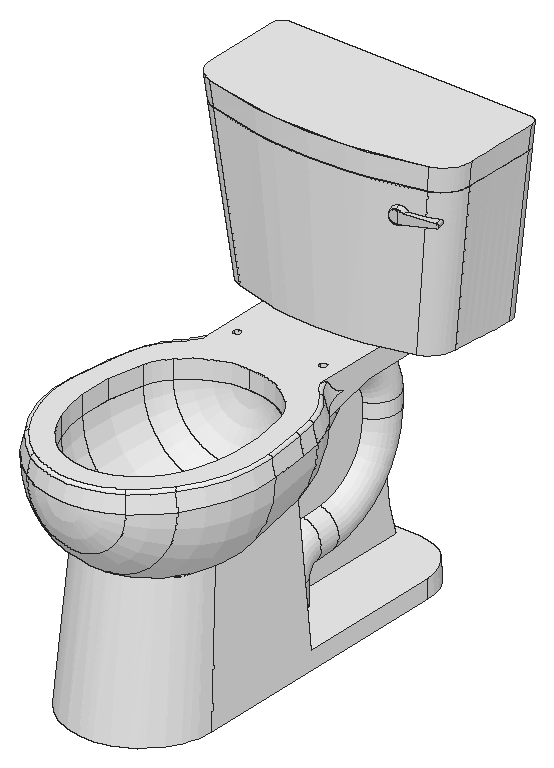
Revit family "Plumbing-Pressure-Assist-Water-Closet-Sloan-Valve-WETS-80298113_", category Plumbing Fixtures, host Face, Revit 2019
Family settings
  Host = Face
  Round Connector Dimension = Use Diameter
  Part Type = Normal
  OmniClass Number = 23.45.05.21.11.11
  OmniClass Title = Water Operated Water Closets
  Cut with Voids When Loaded = No
  Shared = No
  Room Calculation Point = No
Parameters (values of type "WETS-8029.8113")
  Width = 18 1/4"  # constant formula
  Water Closet Code = "2108029"
  Valve Pressure Drop = 0.00 psi
  Tank Code = "2108113"
  Sanitary Drain Connector Description = "Sanitary Drain Connector d2 1/8\""
  Sanitary Drain Connection Diameter = 2 1/8"  # constant formula
  Real Distance to Wall [instance] = if(Distance to Wall < 3/4", 3/4", Distance to Wall)  # 3/4"
  Waste Connection = yes
  WFU = 10
  Vent Connection = yes
  URL = "www.sloanvalve.com"
  Product data url = "https://bimobject.com/sloan_valve/product/pressure-assist-water-closets_sloan_wets-80298113"
  Product Material = Sloan Valve - Vitreous China - White
  Product Guid = ""
  Part Number = "WETS-8029.8113"
  Model = "WETS-8029.8113"
  Minimum Static Pressure = "20 PSI (138 kPa)"  # constant formula
  Maximum Static Pressure = "80 PSI (552 kPa)"  # constant formula
  Manufacturer = "Sloan Valve"  # constant formula
  Keynote = "15410"
  Height = 29 5/8"  # constant formula
  HWFU = 0
  HW Connection = yes
  Flush Rate = "1.6 gpf (6.0 Lpf)"
  Depth = 30 3/8"  # constant formula
  Cold Water Connector Description = "Cold Water Connector d1/2\""
  Cold Water Connection Diameter = 1/2"  # constant formula
  Edition number = 1
  Distance to Wall [instance] = 3/4"
  Description = "Floor-Mounted 1.6 gpf (6.0 Lpf) ADA 12\" Rough-in Pressure-Assisted/Tank Toilet."
  Default Elevation = 0"
  CWFU = 10
  CW Connection = yes
  Assembly Code = "D2010"
  ADA Compliant [instance] = 1 = 1  # yes
Reference planes
  plane 1 "Center (Front/Back)": y = 0
  plane 2: z = 0
  plane 3 "Center (Left/Right)": x = 0
  plane 4: x = -201.612
  plane 5: x = 201.613
  plane 6: y = -762.786
  plane 7: y = -19.05
  plane 8: x = -201.612
  plane 9: x = 201.613
  plane 10: y = -762.786
  plane 11: y = -19.05
Forms (mm)
  Blend 1, solid, material "Sloan Valve - Vitreous China - White" <- "Product Material"
    base sketch origin (0, 0, 38.1) x (1, 0, 0) y (0, 1, 0)
      loop
        arc (-34.925, -45.045) -> (-97.787, -71.084) -> (-123.825, -133.945) r 88.9
        line (-123.825, -133.945) -> (-123.825, -615.95)
        arc (-123.825, -615.95) -> (0, -739.775) -> (123.825, -615.95) r 123.825
        line (123.825, -615.95) -> (123.825, -133.945)
        arc (123.825, -133.945) -> (97.787, -71.084) -> (34.925, -45.045) r 88.9
        line (34.925, -45.045) -> (-34.925, -45.045)
    top sketch origin (0, 0, 38.1) x (1, 0, 0) y (0, 1, 0)
      loop
        arc (-109.537, -584.301) -> (0, -693.838) -> (109.537, -584.301) r 109.537
        line (109.537, -584.301) -> (109.537, -133.945)
        arc (109.537, -133.945) -> (83.499, -71.084) -> (20.637, -45.045) r 88.9
        line (20.637, -45.045) -> (-20.637, -45.045)
        arc (-20.637, -45.045) -> (-83.499, -71.084) -> (-109.537, -133.945) r 88.9
        line (-109.537, -133.945) -> (-109.537, -584.301)
    from -38.1 to 312.058
  Extrusion 2, solid, material "Sloan Valve - Vitreous China - White" <- "Product Material"
    sketch origin (0, 0, 12.7) x (0, 1, 0) y (0, 0, 1)
      loop
        line (-369.05, 348.14) -> (-241.882, 379.846) -> (-70.211, 379.846) -> (-64.931, 440.2) -> (-185.947, 440.2)
        arc (-185.947, 440.2) -> (-192.127, 425.28) -> (-207.047, 419.1) r 21.1
        line (-207.047, 419.1) -> (-369.05, 419.1) -> (-369.05, 348.14)
    from -104.047 to 104.047
  Sweep 3, solid, material "Sloan Valve - Vitreous China - White" <- "Product Material"
    path origin (0, 0, 38.1) x (0, 1, 0) y (0, 0, 1)
      loop
        line (-304.8, -38.1) -> (-304.8, 30.289)
        arc (-304.8, 30.289) -> (-293.174, 59.429) -> (-264.682, 72.564) r 42.333
        line (-264.682, 72.564) -> (-226.487, 74.566)
        arc (-226.487, 74.566) -> (-134.627, 116.914) -> (-97.145, 210.864) r 136.485
        line (-97.145, 210.864) -> (-97.145, 236.948)
        arc (-97.145, 236.948) -> (-144.28, 307.387) -> (-227.373, 290.682) r 76.2
        arc (-227.373, 290.682) -> (-233.15, 284.615) -> (-238.657, 278.301) r 192.236
        arc (-238.657, 278.301) -> (-334.604, 206.706) -> (-452.54, 186.145) r 257.901
    profile origin (0, -304.8, 34.195) x (0, -1, 0) y (1, 0, 0)
      loop
        circle (0, 0) r 38.1
  Extrusion 4, solid, material "Sloan Valve - Vitreous China - White" <- "Product Material"
    sketch origin (22.443, 0, 38.1) x (0, 1, 0) y (0, 0, 1)
      loop
        line (-68.2, 389.4) -> (-235.377, 389.4) -> (-261.569, 382.87) -> (-496.95, 175.082) -> (-480.799, -9.525) -> (-58.189, -9.525)
        arc (-58.189, -9.525) -> (-82.15, 106.794) -> (-68.088, 224.72) r 370.607
        arc (-68.088, 224.72) -> (-59.936, 265.377) -> (-58.507, 306.818) r 254
        arc (-58.507, 306.818) -> (-61.916, 348.278) -> (-68.2, 389.4) r 598.021
    from -28.793 to -16.093
  Extrusion 5, solid, not visible
    sketch origin (0, 0, 0) x (1, 0, 0) y (0, 0, 1)
      loop
        circle (-152.4, 254) r 6.35
    from 0 to 0.794
  Blend 6, solid, material "Sloan Valve - Vitreous China - White" <- "Product Material"
    base sketch origin (0, 0.822, 430.81) x (1, 0, 0) y (0, 1, 0)
      loop
        line (-196.16, -48.519) -> (-186.739, -156.202)
        arc (-186.739, -156.202) -> (-176.518, -182.59) -> (-153.766, -199.416) r 50.8
        arc (-153.766, -199.416) -> (0, -226.96) -> (153.766, -199.416) r 442.975
        arc (153.766, -199.416) -> (176.518, -182.59) -> (186.739, -156.202) r 50.8
        line (186.739, -156.202) -> (196.16, -48.519)
        arc (196.16, -48.519) -> (191.227, -33.989) -> (177.182, -27.809) r 19.05
        line (177.182, -27.809) -> (-177.182, -27.809)
        arc (-177.182, -27.809) -> (-191.227, -33.989) -> (-196.16, -48.519) r 19.05
    top sketch origin (0, 0.822, 430.81) x (1, 0, 0) y (0, 1, 0)
      loop
        arc (-212.725, -19.872) -> (-226.195, -25.451) -> (-231.775, -38.922) r 19.05
        line (-231.775, -38.922) -> (-231.775, -172.47)
        arc (-231.775, -172.47) -> (-221.507, -203.094) -> (-194.854, -221.338) r 50.8
        arc (-194.854, -221.338) -> (0, -248.472) -> (194.854, -221.338) r 713.209
        arc (194.854, -221.338) -> (221.507, -203.094) -> (231.775, -172.47) r 50.8
        line (231.775, -172.47) -> (231.775, -38.922)
        arc (231.775, -38.922) -> (226.195, -25.451) -> (212.725, -19.872) r 19.05
        line (212.725, -19.872) -> (-212.725, -19.872)
    from -37.11 to 321.665
  Revolve 7, solid, material "Sloan Valve - Vitreous China - White" <- "Product Material"
    sketch origin (0, -107.509, 398.463) x (1, 0, 0) y (0, 1, 0)
      loop
        line (0, -683.066) -> (0, -633.619)
        arc (0, -633.619) -> (-54.455, -620.155) -> (-96.361, -582.866) r 116.854
        arc (-96.361, -582.866) -> (-108.844, -562.27) -> (-118.928, -540.399) r 213.603
        arc (-118.928, -540.399) -> (-129.044, -507.813) -> (-134.203, -474.085) r 228.843
        arc (-134.203, -474.085) -> (-133.643, -413.542) -> (-122.68, -353.997) r 350.763
        arc (-122.68, -353.997) -> (-114.097, -332.991) -> (-100.788, -314.61) r 95.25
        arc (-100.788, -314.61) -> (-55.004, -282.028) -> (0, -270.524) r 137.251
        line (0, -270.524) -> (0, -209.239)
        arc (0, -209.239) -> (-18.194, -209.694) -> (-36.342, -211.057) r 364.157
        arc (-36.342, -211.057) -> (-122.715, -249.087) -> (-170.133, -330.684) r 152.4
        arc (-170.133, -330.684) -> (-180.229, -386.679) -> (-186.583, -443.221) r 855.912
        arc (-186.583, -443.221) -> (-178.018, -528.288) -> (-140.189, -604.962) r 240.102
        arc (-140.189, -604.962) -> (-116.352, -632.223) -> (-88.426, -655.277) r 223.457
        arc (-88.426, -655.277) -> (-46.345, -675.956) -> (0, -683.066) r 154.581
      axis (0, -209.239) -> (0, -683.066)
    angle from 0 to 180
  Extrusion 8, solid, material "Sloan Valve - Vitreous China - White" <- "Product Material"
    sketch origin (0, -122.297, 36.415) x (1, 0, 0) y (0, 0, 1)
      loop
        arc (57.698, 221.011) -> (0.981, 212.195) -> (-56.307, 215.748) r 266.082
        line (-56.307, 215.748) -> (-39.243, 151.174)
        arc (-39.243, 151.174) -> (0, 120.954) -> (39.243, 151.174) r 40.59
        line (39.243, 151.174) -> (57.698, 221.011)
    from 346.299 to 429.496
  Blend 9, solid, material "Sloan Valve - Vitreous China - White" <- "Product Material"
    base sketch origin (0, -108.545, 413.2) x (1, 0, 0) y (0, 0, 1)
      loop
        line (25.325, -14.42) -> (-25.325, -14.42) -> (-25.325, -20.654)
        arc (-25.325, -20.654) -> (0, -45.979) -> (25.325, -20.654) r 25.325
        line (25.325, -20.654) -> (25.325, -14.42)
    top sketch origin (0, -108.545, 413.2) x (1, 0, 0) y (0, 0, 1)
      loop
        line (46.038, -14.42) -> (-46.037, -14.42) -> (-46.037, -23.887)
        arc (-46.037, -23.887) -> (0, -69.925) -> (46.038, -23.887) r 46.037
        line (46.038, -23.887) -> (46.038, -14.42)
    from 129.035 to 108.105
  Blend 10, solid, material "Sloan Valve - Vitreous China - White" <- "Product Material"
    base sketch origin (0, -108.545, 413.2) x (1, 0, 0) y (0, 0, 1)
      loop
        line (46.038, -14.42) -> (-46.037, -14.42) -> (-46.037, -23.887)
        arc (-46.037, -23.887) -> (0, -69.925) -> (46.038, -23.887) r 46.037
        line (46.038, -23.887) -> (46.038, -14.42)
    top sketch origin (0, -108.545, 413.2) x (1, 0, 0) y (0, 0, 1)
      loop
        line (46.038, -14.42) -> (-46.037, -14.42) -> (-46.037, -43.731)
        arc (-46.037, -43.731) -> (0, -89.769) -> (46.038, -43.731) r 46.038
        line (46.038, -43.731) -> (46.038, -14.42)
    from 108.105 to 38.1
  Sweep 11, solid, material "Sloan Valve - Vitreous China - White" <- "Product Material"
    path origin (0, -122.297, 38.1) x (0, 1, 0) y (0, 0, 1)
      loop
        arc (-352.549, 201.173) -> (-327.484, 201.16) -> (-302.744, 205.182) r 155.194
        arc (-302.744, 205.182) -> (-278.132, 217.142) -> (-260.549, 238.11) r 65.532
        arc (-260.549, 238.11) -> (-246.125, 268.805) -> (-234.718, 300.744) r 352.298
        arc (-234.718, 300.744) -> (-234.446, 301.431) -> (-234.066, 302.064) r 4.499
        arc (-234.066, 302.064) -> (-210.936, 321.963) -> (-181.277, 329.121) r 65.024
        line (-181.277, 329.121) -> (-115.283, 329.121)
    profile origin (0, -270.577, 367.221) x (0, 0, 1) y (1, 0, 0)
      loop
        line (25.325, -25.325) -> (25.325, 25.325)
        arc (25.325, 25.325) -> (0, 0) -> (25.325, -25.325) r 25.325
  Sweep 12, solid, material "Sloan Valve - Vitreous China - White" <- "Product Material"
    path origin (0, 0, 38.1) x (1, 0, 0) y (0, 1, 0)
      loop
        line (-104.047, -185.947) -> (-104.047, -295.646)
        arc (-104.047, -295.646) -> (-111.251, -333.222) -> (-131.841, -365.47) r 101.6
        arc (-131.841, -365.47) -> (-155.982, -399.201) -> (-170.133, -438.192) r 152.4
        arc (-170.133, -438.192) -> (-174.125, -457.895) -> (-177.652, -477.686) r 855.912
        arc (-177.652, -477.686) -> (-182.903, -514.112) -> (-186.583, -550.729) r 855.912
        arc (-186.583, -550.729) -> (-178.018, -635.797) -> (-140.189, -712.47) r 240.102
        arc (-140.189, -712.47) -> (-116.352, -739.732) -> (-88.426, -762.786) r 223.457
        arc (-88.426, -762.786) -> (0, -790.575) -> (88.426, -762.786) r 154.581
        arc (88.426, -762.786) -> (116.352, -739.732) -> (140.189, -712.47) r 223.457
        arc (140.189, -712.47) -> (178.018, -635.797) -> (186.583, -550.729) r 240.102
        arc (186.583, -550.729) -> (182.903, -514.112) -> (177.652, -477.686) r 855.912
        arc (177.652, -477.686) -> (174.125, -457.895) -> (170.133, -438.192) r 855.912
        arc (170.133, -438.192) -> (155.982, -399.201) -> (131.841, -365.47) r 152.4
        arc (131.841, -365.47) -> (111.251, -333.222) -> (104.047, -295.646) r 101.6
        line (104.047, -295.646) -> (104.047, -185.947)
    profile origin (0, -790.575, 38.1) x (0, 1, 0) y (0, 0, 1)
      loop
        line (0, 360.362) -> (18.191, 360.362) -> (18.191, 393.7) -> (12.748, 393.7)
        arc (12.748, 393.7) -> (8.795, 392.32) -> (6.56, 388.778) r 6.35
        line (6.56, 388.778) -> (0, 360.362)
  Extrusion 13, void
    sketch origin (0, 0, 38.1) x (1, 0, 0) y (0, 1, 0)
      loop
        arc (118.928, -647.907) -> (129.044, -615.321) -> (134.203, -581.593) r 228.843
        arc (134.203, -581.593) -> (135.243, -552.98) -> (133.946, -524.377) r 350.763
        arc (133.946, -524.377) -> (129.747, -492.684) -> (122.68, -461.506) r 350.763
        arc (122.68, -461.506) -> (114.097, -440.499) -> (100.788, -422.119) r 95.25
        arc (100.788, -422.119) -> (55.004, -389.536) -> (0, -378.032) r 137.251
        arc (0, -378.032) -> (-55.004, -389.536) -> (-100.788, -422.119) r 137.251
        arc (-100.788, -422.119) -> (-114.097, -440.499) -> (-122.68, -461.506) r 95.25
        arc (-122.68, -461.506) -> (-129.747, -492.684) -> (-133.946, -524.377) r 350.763
        arc (-133.946, -524.377) -> (-135.243, -552.98) -> (-134.203, -581.593) r 350.763
        arc (-134.203, -581.593) -> (-129.044, -615.321) -> (-118.928, -647.907) r 228.843
        arc (-118.928, -647.907) -> (-108.844, -669.778) -> (-96.361, -690.375) r 213.603
        arc (-96.361, -690.375) -> (-54.455, -727.664) -> (0, -741.127) r 116.854
        arc (0, -741.127) -> (54.455, -727.664) -> (96.361, -690.375) r 116.854
        arc (96.361, -690.375) -> (108.844, -669.778) -> (118.928, -647.907) r 213.603
    from 360.362 to 393.7
  Extrusion 14, solid, material "Sloan Valve - Vitreous China - White" <- "Product Material"
    sketch origin (0, 0, 38.1) x (1, 0, 0) y (0, 1, 0)
      loop
        arc (-168.448, -552.159) -> (-160.532, -630.781) -> (-125.569, -701.646) r 221.912
        arc (-125.569, -701.646) -> (-103.673, -726.688) -> (-78.02, -747.865) r 205.266
        arc (-78.02, -747.865) -> (0, -772.384) -> (78.02, -747.865) r 136.39
        arc (78.02, -747.865) -> (103.673, -726.688) -> (125.569, -701.646) r 205.266
        arc (125.569, -701.646) -> (160.532, -630.781) -> (168.448, -552.159) r 221.912
        arc (168.448, -552.159) -> (164.847, -516.319) -> (159.708, -480.668) r 837.721
        arc (159.708, -480.668) -> (156.255, -461.297) -> (152.348, -442.013) r 837.721
        arc (152.348, -442.013) -> (139.886, -407.676) -> (118.627, -377.971) r 134.209
        arc (118.627, -377.971) -> (110.867, -368.903) -> (104.047, -359.107) r 119.791
        line (104.047, -359.107) -> (104.047, -369.05) -> (-104.047, -369.05) -> (-104.047, -359.107)
        arc (-104.047, -359.107) -> (-110.867, -368.903) -> (-118.627, -377.971) r 119.791
        arc (-118.627, -377.971) -> (-139.886, -407.676) -> (-152.348, -442.013) r 134.209
        arc (-152.348, -442.013) -> (-156.255, -461.297) -> (-159.708, -480.668) r 837.721
        arc (-159.708, -480.668) -> (-164.847, -516.319) -> (-168.448, -552.159) r 837.721
    from 360.362 to 393.7
  Extrusion 15, void
    sketch origin (0, 0, 38.1) x (0, 1, 0) y (0, 0, 1)
      loop
        line (-419.1, 368.114) -> (-392.915, -6.35) -> (-10.202, -6.35) -> (-10.202, 368.114) -> (-419.1, 368.114)
    from -219.74 to 304.8
  Revolve 16, void
    sketch origin (0, -107.509, 398.463) x (1, 0, 0) y (0, 1, 0)
      loop
        line (0, -639.969) -> (0, -264.174)
        arc (0, -264.174) -> (-57.549, -276.21) -> (-105.451, -310.3) r 143.601
        arc (-105.451, -310.3) -> (-119.647, -329.906) -> (-128.802, -352.313) r 101.6
        arc (-128.802, -352.313) -> (-139.964, -412.935) -> (-140.534, -474.574) r 357.113
        arc (-140.534, -474.574) -> (-135.232, -509.238) -> (-124.835, -542.728) r 235.193
        arc (-124.835, -542.728) -> (-114.451, -565.249) -> (-101.598, -586.458) r 219.953
        arc (-101.598, -586.458) -> (-57.414, -625.773) -> (0, -639.969) r 123.204
      axis (0, -264.174) -> (0, -639.969)
    angle from 0 to 180
  Extrusion 17, void
    sketch origin (0, 0, 38.1) x (1, 0, 0) y (0, 1, 0)
      loop
        circle (-76.2, -307.975) r 6.35
      loop
        circle (76.2, -307.975) r 6.35
    from 341.312 to 499.954
  Extrusion 18, void
    sketch origin (0, 0, 31.75) x (1, 0, 0) y (0, 1, 0)
      loop
        arc (-212.725, -19.05) -> (-226.195, -24.63) -> (-231.775, -38.1) r 19.05
        line (-231.775, -38.1) -> (-231.775, -171.649)
        arc (-231.775, -171.649) -> (-221.507, -202.272) -> (-194.854, -220.516) r 50.8
        arc (-194.854, -220.516) -> (0, -247.65) -> (194.854, -220.516) r 713.209
        arc (194.854, -220.516) -> (221.507, -202.272) -> (231.775, -171.649) r 50.8
        line (231.775, -171.649) -> (231.775, -38.1)
        arc (231.775, -38.1) -> (226.195, -24.63) -> (212.725, -19.05) r 19.05
        line (212.725, -19.05) -> (-212.725, -19.05)
      loop
        line (-225.425, -38.1) -> (-225.425, -171.649)
        arc (-225.425, -171.649) -> (-216.441, -198.444) -> (-193.119, -214.408) r 44.45
        arc (-193.119, -214.408) -> (0, -241.3) -> (193.119, -214.408) r 706.859
        arc (193.119, -214.408) -> (216.441, -198.444) -> (225.425, -171.649) r 44.45
        line (225.425, -171.649) -> (225.425, -38.1)
        arc (225.425, -38.1) -> (221.705, -29.12) -> (212.725, -25.4) r 12.7
        line (212.725, -25.4) -> (-212.725, -25.4)
        arc (-212.725, -25.4) -> (-221.705, -29.12) -> (-225.425, -38.1) r 12.7
    from 678.093 to 679.681
  Extrusion 19, solid, material "Sloan Valve - Finish - Polished Chrome"
    sketch origin (20.292, -269.587, 924.407) x (0.97881, 0.203994, 0.017847) y (0, -0.087156, 0.996195)
      loop
        line (127, -257.261) -> (127, -277.149) -> (188.955, -269.542)
        arc (188.955, -269.542) -> (192.467, -265.466) -> (188.747, -261.579) r 4.001
        line (188.747, -261.579) -> (127, -257.261)
    from 0 to 12.7
  Revolve 20, solid, material "Sloan Valve - Finish - Polished Chrome"
    sketch origin (369.854, -1316.287, 832.833) x (0.204773, -0.975085, -0.085309) y (0, -0.087156, 0.996195)
      loop
        line (-1100.014, -265.639) -> (-1100.014, -282.465) -> (-1087.756, -278.482) -> (-1087.314, -277.803) -> (-1087.314, -265.639) -> (-1100.014, -265.639)
      axis (-1100.014, -265.639) -> (-1087.314, -265.639)
    angle from 0 to 360
  Extrusion 21, void
    sketch origin (0, 0, 0) x (0, 1, 0) y (0, 0, 1)
      loop
        line (-237.58, 431.8) -> (-237.58, 381.539) -> (-19.05, 381.539) -> (-19.05, 431.8) -> (-237.58, 431.8)
    from -209.117 to 208.919
  Blend 22, solid, material "Sloan Valve - Vitreous China - White" <- "Product Material", not visible
    base sketch origin (0, 0, 38.1) x (1, 0, 0) y (0, 1, 0)
      loop
        arc (-34.925, -45.045) -> (-97.787, -71.084) -> (-123.825, -133.945) r 88.9
        line (-123.825, -133.945) -> (-123.825, -615.95)
        arc (-123.825, -615.95) -> (0, -739.775) -> (123.825, -615.95) r 123.825
        line (123.825, -615.95) -> (123.825, -133.945)
        arc (123.825, -133.945) -> (97.787, -71.084) -> (34.925, -45.045) r 88.9
        line (34.925, -45.045) -> (-34.925, -45.045)
    top sketch origin (0, 0, 38.1) x (1, 0, 0) y (0, 1, 0)
      loop
        arc (-109.537, -584.301) -> (0, -693.838) -> (109.537, -584.301) r 109.537
        line (109.537, -584.301) -> (109.537, -133.945)
        arc (109.537, -133.945) -> (83.499, -71.084) -> (20.637, -45.045) r 88.9
        line (20.637, -45.045) -> (-20.637, -45.045)
        arc (-20.637, -45.045) -> (-83.499, -71.084) -> (-109.537, -133.945) r 88.9
        line (-109.537, -133.945) -> (-109.537, -584.301)
    from -38.1 to 312.058
  Extrusion 23, solid, material "Sloan Valve - Vitreous China - White" <- "Product Material", not visible
    sketch origin (0, 0, 12.7) x (0, 1, 0) y (0, 0, 1)
      loop
        line (-369.05, 348.14) -> (-241.882, 379.846) -> (-70.211, 379.846) -> (-64.931, 440.2) -> (-185.947, 440.2)
        arc (-185.947, 440.2) -> (-192.127, 425.28) -> (-207.047, 419.1) r 21.1
        line (-207.047, 419.1) -> (-369.05, 419.1) -> (-369.05, 348.14)
    from -104.047 to 104.047
  Sweep 24, solid, material "Sloan Valve - Vitreous China - White" <- "Product Material", not visible
    path origin (0, 0, 38.1) x (0, 1, 0) y (0, 0, 1)
      loop
        line (-304.8, -38.1) -> (-304.8, 30.289)
        arc (-304.8, 30.289) -> (-293.174, 59.429) -> (-264.682, 72.564) r 42.333
        line (-264.682, 72.564) -> (-226.487, 74.566)
        arc (-226.487, 74.566) -> (-134.627, 116.914) -> (-97.145, 210.864) r 136.485
        line (-97.145, 210.864) -> (-97.145, 236.948)
        arc (-97.145, 236.948) -> (-144.28, 307.387) -> (-227.373, 290.682) r 76.2
        arc (-227.373, 290.682) -> (-233.15, 284.615) -> (-238.657, 278.301) r 192.236
        arc (-238.657, 278.301) -> (-334.604, 206.706) -> (-452.54, 186.145) r 257.901
    profile origin (0, -304.8, 34.195) x (0, -1, 0) y (1, 0, 0)
      loop
        circle (0, 0) r 38.1
  Extrusion 25, solid, material "Sloan Valve - Vitreous China - White" <- "Product Material", not visible
    sketch origin (22.443, 0, 38.1) x (0, 1, 0) y (0, 0, 1)
      loop
        line (-68.2, 389.4) -> (-235.377, 389.4) -> (-261.569, 382.87) -> (-496.95, 175.082) -> (-480.799, -9.525) -> (-58.189, -9.525)
        arc (-58.189, -9.525) -> (-82.15, 106.794) -> (-68.088, 224.72) r 370.607
        arc (-68.088, 224.72) -> (-59.936, 265.377) -> (-58.507, 306.818) r 254
        arc (-58.507, 306.818) -> (-61.916, 348.278) -> (-68.2, 389.4) r 598.021
    from -28.793 to -16.093
  Blend 26, solid, material "Sloan Valve - Vitreous China - White" <- "Product Material", not visible
    base sketch origin (0, 0.822, 430.81) x (1, 0, 0) y (0, 1, 0)
      loop
        line (-196.16, -48.519) -> (-186.739, -156.202)
        arc (-186.739, -156.202) -> (-176.518, -182.59) -> (-153.766, -199.416) r 50.8
        arc (-153.766, -199.416) -> (0, -226.96) -> (153.766, -199.416) r 442.975
        arc (153.766, -199.416) -> (176.518, -182.59) -> (186.739, -156.202) r 50.8
        line (186.739, -156.202) -> (196.16, -48.519)
        arc (196.16, -48.519) -> (191.227, -33.989) -> (177.182, -27.809) r 19.05
        line (177.182, -27.809) -> (-177.182, -27.809)
        arc (-177.182, -27.809) -> (-191.227, -33.989) -> (-196.16, -48.519) r 19.05
    top sketch origin (0, 0.822, 430.81) x (1, 0, 0) y (0, 1, 0)
      loop
        arc (-212.725, -19.872) -> (-226.195, -25.451) -> (-231.775, -38.922) r 19.05
        line (-231.775, -38.922) -> (-231.775, -172.47)
        arc (-231.775, -172.47) -> (-221.507, -203.094) -> (-194.854, -221.338) r 50.8
        arc (-194.854, -221.338) -> (0, -248.472) -> (194.854, -221.338) r 713.209
        arc (194.854, -221.338) -> (221.507, -203.094) -> (231.775, -172.47) r 50.8
        line (231.775, -172.47) -> (231.775, -38.922)
        arc (231.775, -38.922) -> (226.195, -25.451) -> (212.725, -19.872) r 19.05
        line (212.725, -19.872) -> (-212.725, -19.872)
    from -37.11 to 321.665
  Revolve 27, solid, material "Sloan Valve - Vitreous China - White" <- "Product Material", not visible
    sketch origin (0, -107.509, 398.463) x (1, 0, 0) y (0, 1, 0)
      loop
        line (0, -683.066) -> (0, -633.619)
        arc (0, -633.619) -> (-54.455, -620.155) -> (-96.361, -582.866) r 116.854
        arc (-96.361, -582.866) -> (-108.844, -562.27) -> (-118.928, -540.399) r 213.603
        arc (-118.928, -540.399) -> (-129.044, -507.813) -> (-134.203, -474.085) r 228.843
        arc (-134.203, -474.085) -> (-133.643, -413.542) -> (-122.68, -353.997) r 350.763
        arc (-122.68, -353.997) -> (-114.097, -332.991) -> (-100.788, -314.61) r 95.25
        arc (-100.788, -314.61) -> (-55.004, -282.028) -> (0, -270.524) r 137.251
        line (0, -270.524) -> (0, -209.239)
        arc (0, -209.239) -> (-18.194, -209.694) -> (-36.342, -211.057) r 364.157
        arc (-36.342, -211.057) -> (-122.715, -249.087) -> (-170.133, -330.684) r 152.4
        arc (-170.133, -330.684) -> (-180.229, -386.679) -> (-186.583, -443.221) r 855.912
        arc (-186.583, -443.221) -> (-178.018, -528.288) -> (-140.189, -604.962) r 240.102
        arc (-140.189, -604.962) -> (-116.352, -632.223) -> (-88.426, -655.277) r 223.457
        arc (-88.426, -655.277) -> (-46.345, -675.956) -> (0, -683.066) r 154.581
      axis (0, -209.239) -> (0, -683.066)
    angle from 0 to 180
  Extrusion 28, solid, material "Sloan Valve - Vitreous China - White" <- "Product Material", not visible
    sketch origin (0, -122.297, 36.415) x (1, 0, 0) y (0, 0, 1)
      loop
        arc (57.698, 221.011) -> (0.981, 212.195) -> (-56.307, 215.748) r 266.082
        line (-56.307, 215.748) -> (-39.243, 151.174)
        arc (-39.243, 151.174) -> (0, 120.954) -> (39.243, 151.174) r 40.59
        line (39.243, 151.174) -> (57.698, 221.011)
    from 346.299 to 429.496
  Blend 29, solid, material "Sloan Valve - Vitreous China - White" <- "Product Material", not visible
    base sketch origin (0, -108.545, 413.2) x (1, 0, 0) y (0, 0, 1)
      loop
        line (25.325, -14.42) -> (-25.325, -14.42) -> (-25.325, -20.654)
        arc (-25.325, -20.654) -> (0, -45.979) -> (25.325, -20.654) r 25.325
        line (25.325, -20.654) -> (25.325, -14.42)
    top sketch origin (0, -108.545, 413.2) x (1, 0, 0) y (0, 0, 1)
      loop
        line (46.038, -14.42) -> (-46.037, -14.42) -> (-46.037, -23.887)
        arc (-46.037, -23.887) -> (0, -69.925) -> (46.038, -23.887) r 46.037
        line (46.038, -23.887) -> (46.038, -14.42)
    from 129.035 to 108.105
  Blend 30, solid, material "Sloan Valve - Vitreous China - White" <- "Product Material", not visible
    base sketch origin (0, -108.545, 413.2) x (1, 0, 0) y (0, 0, 1)
      loop
        line (46.038, -14.42) -> (-46.037, -14.42) -> (-46.037, -23.887)
        arc (-46.037, -23.887) -> (0, -69.925) -> (46.038, -23.887) r 46.037
        line (46.038, -23.887) -> (46.038, -14.42)
    top sketch origin (0, -108.545, 413.2) x (1, 0, 0) y (0, 0, 1)
      loop
        line (46.038, -14.42) -> (-46.037, -14.42) -> (-46.037, -43.731)
        arc (-46.037, -43.731) -> (0, -89.769) -> (46.038, -43.731) r 46.038
        line (46.038, -43.731) -> (46.038, -14.42)
    from 108.105 to 38.1
  Sweep 31, solid, material "Sloan Valve - Vitreous China - White" <- "Product Material", not visible
    path origin (0, -122.297, 38.1) x (0, 1, 0) y (0, 0, 1)
      loop
        arc (-352.549, 201.173) -> (-327.484, 201.16) -> (-302.744, 205.182) r 155.194
        arc (-302.744, 205.182) -> (-278.132, 217.142) -> (-260.549, 238.11) r 65.532
        arc (-260.549, 238.11) -> (-246.125, 268.805) -> (-234.718, 300.744) r 352.298
        arc (-234.718, 300.744) -> (-234.446, 301.431) -> (-234.066, 302.064) r 4.499
        arc (-234.066, 302.064) -> (-210.936, 321.963) -> (-181.277, 329.121) r 65.024
        line (-181.277, 329.121) -> (-115.283, 329.121)
    profile origin (0, -270.577, 367.221) x (0, 0, 1) y (1, 0, 0)
      loop
        line (25.325, -25.325) -> (25.325, 25.325)
        arc (25.325, 25.325) -> (0, 0) -> (25.325, -25.325) r 25.325
  Sweep 32, solid, material "Sloan Valve - Vitreous China - White" <- "Product Material", not visible
    path origin (0, 0, 38.1) x (1, 0, 0) y (0, 1, 0)
      loop
        line (-104.047, -185.947) -> (-104.047, -295.646)
        arc (-104.047, -295.646) -> (-111.251, -333.222) -> (-131.841, -365.47) r 101.6
        arc (-131.841, -365.47) -> (-155.982, -399.201) -> (-170.133, -438.192) r 152.4
        arc (-170.133, -438.192) -> (-174.125, -457.895) -> (-177.652, -477.686) r 855.912
        arc (-177.652, -477.686) -> (-182.903, -514.112) -> (-186.583, -550.729) r 855.912
        arc (-186.583, -550.729) -> (-178.018, -635.797) -> (-140.189, -712.47) r 240.102
        arc (-140.189, -712.47) -> (-116.352, -739.732) -> (-88.426, -762.786) r 223.457
        arc (-88.426, -762.786) -> (0, -790.575) -> (88.426, -762.786) r 154.581
        arc (88.426, -762.786) -> (116.352, -739.732) -> (140.189, -712.47) r 223.457
        arc (140.189, -712.47) -> (178.018, -635.797) -> (186.583, -550.729) r 240.102
        arc (186.583, -550.729) -> (182.903, -514.112) -> (177.652, -477.686) r 855.912
        arc (177.652, -477.686) -> (174.125, -457.895) -> (170.133, -438.192) r 855.912
        arc (170.133, -438.192) -> (155.982, -399.201) -> (131.841, -365.47) r 152.4
        arc (131.841, -365.47) -> (111.251, -333.222) -> (104.047, -295.646) r 101.6
        line (104.047, -295.646) -> (104.047, -185.947)
    profile origin (0, -790.575, 38.1) x (0, 1, 0) y (0, 0, 1)
      loop
        line (0, 360.362) -> (18.191, 360.362) -> (18.191, 393.7) -> (12.748, 393.7)
        arc (12.748, 393.7) -> (8.795, 392.32) -> (6.56, 388.778) r 6.35
        line (6.56, 388.778) -> (0, 360.362)
  Extrusion 33, void, not visible
    sketch origin (0, 0, 38.1) x (1, 0, 0) y (0, 1, 0)
      loop
        arc (118.928, -647.907) -> (129.044, -615.321) -> (134.203, -581.593) r 228.843
        arc (134.203, -581.593) -> (135.243, -552.98) -> (133.946, -524.377) r 350.763
        arc (133.946, -524.377) -> (129.747, -492.684) -> (122.68, -461.506) r 350.763
        arc (122.68, -461.506) -> (114.097, -440.499) -> (100.788, -422.119) r 95.25
        arc (100.788, -422.119) -> (55.004, -389.536) -> (0, -378.032) r 137.251
        arc (0, -378.032) -> (-55.004, -389.536) -> (-100.788, -422.119) r 137.251
        arc (-100.788, -422.119) -> (-114.097, -440.499) -> (-122.68, -461.506) r 95.25
        arc (-122.68, -461.506) -> (-129.747, -492.684) -> (-133.946, -524.377) r 350.763
        arc (-133.946, -524.377) -> (-135.243, -552.98) -> (-134.203, -581.593) r 350.763
        arc (-134.203, -581.593) -> (-129.044, -615.321) -> (-118.928, -647.907) r 228.843
        arc (-118.928, -647.907) -> (-108.844, -669.778) -> (-96.361, -690.375) r 213.603
        arc (-96.361, -690.375) -> (-54.455, -727.664) -> (0, -741.127) r 116.854
        arc (0, -741.127) -> (54.455, -727.664) -> (96.361, -690.375) r 116.854
        arc (96.361, -690.375) -> (108.844, -669.778) -> (118.928, -647.907) r 213.603
    from 360.362 to 393.7
  Extrusion 34, solid, material "Sloan Valve - Vitreous China - White" <- "Product Material", not visible
    sketch origin (0, 0, 38.1) x (1, 0, 0) y (0, 1, 0)
      loop
        arc (-168.448, -552.159) -> (-160.532, -630.781) -> (-125.569, -701.646) r 221.912
        arc (-125.569, -701.646) -> (-103.673, -726.688) -> (-78.02, -747.865) r 205.266
        arc (-78.02, -747.865) -> (0, -772.384) -> (78.02, -747.865) r 136.39
        arc (78.02, -747.865) -> (103.673, -726.688) -> (125.569, -701.646) r 205.266
        arc (125.569, -701.646) -> (160.532, -630.781) -> (168.448, -552.159) r 221.912
        arc (168.448, -552.159) -> (164.847, -516.319) -> (159.708, -480.668) r 837.721
        arc (159.708, -480.668) -> (156.255, -461.297) -> (152.348, -442.013) r 837.721
        arc (152.348, -442.013) -> (139.886, -407.676) -> (118.627, -377.971) r 134.209
        arc (118.627, -377.971) -> (110.867, -368.903) -> (104.047, -359.107) r 119.791
        line (104.047, -359.107) -> (104.047, -369.05) -> (-104.047, -369.05) -> (-104.047, -359.107)
        arc (-104.047, -359.107) -> (-110.867, -368.903) -> (-118.627, -377.971) r 119.791
        arc (-118.627, -377.971) -> (-139.886, -407.676) -> (-152.348, -442.013) r 134.209
        arc (-152.348, -442.013) -> (-156.255, -461.297) -> (-159.708, -480.668) r 837.721
        arc (-159.708, -480.668) -> (-164.847, -516.319) -> (-168.448, -552.159) r 837.721
    from 360.362 to 393.7
  Extrusion 35, void, not visible
    sketch origin (0, 0, 38.1) x (0, 1, 0) y (0, 0, 1)
      loop
        line (-419.1, 368.114) -> (-392.915, -6.35) -> (-10.202, -6.35) -> (-10.202, 368.114) -> (-419.1, 368.114)
    from -219.74 to 304.8
  Revolve 36, void, not visible
    sketch origin (0, -107.509, 398.463) x (1, 0, 0) y (0, 1, 0)
      loop
        line (0, -639.969) -> (0, -264.174)
        arc (0, -264.174) -> (-57.549, -276.21) -> (-105.451, -310.3) r 143.601
        arc (-105.451, -310.3) -> (-119.647, -329.906) -> (-128.802, -352.313) r 101.6
        arc (-128.802, -352.313) -> (-139.964, -412.935) -> (-140.534, -474.574) r 357.113
        arc (-140.534, -474.574) -> (-135.232, -509.238) -> (-124.835, -542.728) r 235.193
        arc (-124.835, -542.728) -> (-114.451, -565.249) -> (-101.598, -586.458) r 219.953
        arc (-101.598, -586.458) -> (-57.414, -625.773) -> (0, -639.969) r 123.204
      axis (0, -264.174) -> (0, -639.969)
    angle from 0 to 180
  Extrusion 37, void, not visible
    sketch origin (0, 0, 38.1) x (1, 0, 0) y (0, 1, 0)
      loop
        circle (-76.2, -307.975) r 6.35
      loop
        circle (76.2, -307.975) r 6.35
    from 341.312 to 499.954
  Extrusion 38, void, not visible
    sketch origin (0, 0, 31.75) x (1, 0, 0) y (0, 1, 0)
      loop
        arc (-212.725, -19.05) -> (-226.195, -24.63) -> (-231.775, -38.1) r 19.05
        line (-231.775, -38.1) -> (-231.775, -171.649)
        arc (-231.775, -171.649) -> (-221.507, -202.272) -> (-194.854, -220.516) r 50.8
        arc (-194.854, -220.516) -> (0, -247.65) -> (194.854, -220.516) r 713.209
        arc (194.854, -220.516) -> (221.507, -202.272) -> (231.775, -171.649) r 50.8
        line (231.775, -171.649) -> (231.775, -38.1)
        arc (231.775, -38.1) -> (226.195, -24.63) -> (212.725, -19.05) r 19.05
        line (212.725, -19.05) -> (-212.725, -19.05)
      loop
        line (-225.425, -38.1) -> (-225.425, -171.649)
        arc (-225.425, -171.649) -> (-216.441, -198.444) -> (-193.119, -214.408) r 44.45
        arc (-193.119, -214.408) -> (0, -241.3) -> (193.119, -214.408) r 706.859
        arc (193.119, -214.408) -> (216.441, -198.444) -> (225.425, -171.649) r 44.45
        line (225.425, -171.649) -> (225.425, -38.1)
        arc (225.425, -38.1) -> (221.705, -29.12) -> (212.725, -25.4) r 12.7
        line (212.725, -25.4) -> (-212.725, -25.4)
        arc (-212.725, -25.4) -> (-221.705, -29.12) -> (-225.425, -38.1) r 12.7
    from 678.093 to 679.681
  Extrusion 39, solid, material "Sloan Valve - Finish - Polished Chrome", not visible
    sketch origin (20.292, -269.587, 924.407) x (0.97881, 0.203994, 0.017847) y (0, -0.087156, 0.996195)
      loop
        line (127, -257.261) -> (127, -277.149) -> (188.955, -269.542)
        arc (188.955, -269.542) -> (192.467, -265.466) -> (188.747, -261.579) r 4.001
        line (188.747, -261.579) -> (127, -257.261)
    from 0 to 12.7
  Revolve 40, solid, material "Sloan Valve - Finish - Polished Chrome", not visible
    sketch origin (369.854, -1316.287, 832.833) x (0.204773, -0.975085, -0.085309) y (0, -0.087156, 0.996195)
      loop
        line (-1100.014, -265.639) -> (-1100.014, -282.465) -> (-1087.756, -278.482) -> (-1087.314, -277.803) -> (-1087.314, -265.639) -> (-1100.014, -265.639)
      axis (-1100.014, -265.639) -> (-1087.314, -265.639)
    angle from 0 to 360
  Extrusion 41, void, not visible
    sketch origin (0, 0, 0) x (0, 1, 0) y (0, 0, 1)
      loop
        line (-237.58, 431.8) -> (-237.58, 381.539) -> (-19.05, 381.539) -> (-19.05, 431.8) -> (-237.58, 431.8)
    from -209.117 to 208.919
Cuts and joins
  Extrusion 18, Extrusion 21 cuts Blend 6
  Extrusion 17 cuts Extrusion 2
  Extrusion 13 cuts Extrusion 14
  joined: Extrusion 2, Sweep 12, Extrusion 14
  Extrusion 15, Revolve 16 cuts Blend 1
  joined: Extrusion 19, Revolve 20
Lines and regions (mm)
  Masking region 1
    outline origin (0, 0, 0) x (1, 0, 0) y (0, 1, 0)
      loop
        line (212.725, -19.05) -> (-212.725, -19.05)
        arc (-212.725, -19.05) -> (-226.195, -24.63) -> (-231.775, -38.1) r 19.05
        line (-231.775, -38.1) -> (-231.775, -171.649)
        arc (-231.775, -171.649) -> (-221.507, -202.272) -> (-194.854, -220.516) r 50.8
        arc (-194.854, -220.516) -> (-159.548, -229.575) -> (-123.825, -236.819) r 713.209
        line (-123.825, -236.819) -> (-123.825, -355.877)
        arc (-123.825, -355.877) -> (-127.686, -360.797) -> (-131.841, -365.47) r 101.6
        arc (-131.841, -365.47) -> (-155.982, -399.201) -> (-170.133, -438.192) r 152.4
        arc (-170.133, -438.192) -> (-174.125, -457.895) -> (-177.652, -477.686) r 855.912
        arc (-177.652, -477.686) -> (-182.903, -514.112) -> (-186.583, -550.729) r 855.912
        arc (-186.583, -550.729) -> (-178.018, -635.797) -> (-140.189, -712.47) r 240.102
        arc (-140.189, -712.47) -> (-116.352, -739.732) -> (-88.426, -762.786) r 223.457
        arc (-88.426, -762.786) -> (0, -790.575) -> (88.426, -762.786) r 154.581
        arc (88.426, -762.786) -> (116.352, -739.732) -> (140.189, -712.47) r 223.457
        arc (140.189, -712.47) -> (178.018, -635.797) -> (186.583, -550.729) r 240.102
        arc (186.583, -550.729) -> (182.903, -514.112) -> (177.652, -477.686) r 855.912
        arc (177.652, -477.686) -> (174.125, -457.895) -> (170.133, -438.192) r 855.912
        arc (170.133, -438.192) -> (155.982, -399.201) -> (131.841, -365.47) r 152.4
        arc (131.841, -365.47) -> (127.686, -360.797) -> (123.825, -355.877) r 101.6
        line (123.825, -355.877) -> (123.825, -236.819)
        arc (123.825, -236.819) -> (159.548, -229.575) -> (194.854, -220.516) r 713.209
        arc (194.854, -220.516) -> (221.507, -202.272) -> (231.775, -171.649) r 50.8
        line (231.775, -171.649) -> (231.775, -38.1)
        arc (231.775, -38.1) -> (226.195, -24.63) -> (212.725, -19.05) r 19.05
  Masking region 2, not visible
    outline origin (0, 0, 0) x (1, 0, 0) y (0, 1, 0)
      loop
        line (212.725, -19.05) -> (-212.725, -19.05)
        arc (-212.725, -19.05) -> (-226.195, -24.63) -> (-231.775, -38.1) r 19.05
        line (-231.775, -38.1) -> (-231.775, -171.649)
        arc (-231.775, -171.649) -> (-221.507, -202.272) -> (-194.854, -220.516) r 50.8
        arc (-194.854, -220.516) -> (-159.548, -229.575) -> (-123.825, -236.819) r 713.209
        line (-123.825, -236.819) -> (-123.825, -355.877)
        arc (-123.825, -355.877) -> (-127.686, -360.797) -> (-131.841, -365.47) r 101.6
        arc (-131.841, -365.47) -> (-155.982, -399.201) -> (-170.133, -438.192) r 152.4
        arc (-170.133, -438.192) -> (-174.125, -457.895) -> (-177.652, -477.686) r 855.912
        arc (-177.652, -477.686) -> (-182.903, -514.112) -> (-186.583, -550.729) r 855.912
        arc (-186.583, -550.729) -> (-178.018, -635.797) -> (-140.189, -712.47) r 240.102
        arc (-140.189, -712.47) -> (-116.352, -739.732) -> (-88.426, -762.786) r 223.457
        arc (-88.426, -762.786) -> (0, -790.575) -> (88.426, -762.786) r 154.581
        arc (88.426, -762.786) -> (116.352, -739.732) -> (140.189, -712.47) r 223.457
        arc (140.189, -712.47) -> (178.018, -635.797) -> (186.583, -550.729) r 240.102
        arc (186.583, -550.729) -> (182.903, -514.112) -> (177.652, -477.686) r 855.912
        arc (177.652, -477.686) -> (174.125, -457.895) -> (170.133, -438.192) r 855.912
        arc (170.133, -438.192) -> (155.982, -399.201) -> (131.841, -365.47) r 152.4
        arc (131.841, -365.47) -> (127.686, -360.797) -> (123.825, -355.877) r 101.6
        line (123.825, -355.877) -> (123.825, -236.819)
        arc (123.825, -236.819) -> (159.548, -229.575) -> (194.854, -220.516) r 713.209
        arc (194.854, -220.516) -> (221.507, -202.272) -> (231.775, -171.649) r 50.8
        line (231.775, -171.649) -> (231.775, -38.1)
        arc (231.775, -38.1) -> (226.195, -24.63) -> (212.725, -19.05) r 19.05
  symbolic lines, detail levels medium+fine
    curve 1: arc (-123.825, -236.819, 0) -> (0, -247.65, 0) -> (123.825, -236.819, 0) r 713.209
  symbolic lines, detail levels fine
    curve 2: arc (-100.788, -422.119, 0) -> (-55.004, -389.536, 0) -> (0, -378.032, 0) r 137.251
    curve 3: arc (0, -378.032, 0) -> (55.004, -389.536, 0) -> (100.788, -422.119, 0) r 137.251
    curve 4: arc (100.788, -422.119, 0) -> (114.097, -440.499, 0) -> (122.68, -461.506, 0) r 95.25
    curve 5: arc (122.68, -461.506, 0) -> (129.747, -492.684, 0) -> (133.946, -524.377, 0) r 350.763
    curve 6: arc (133.946, -524.377, 0) -> (135.243, -552.98, 0) -> (134.203, -581.593, 0) r 350.763
    curve 7: arc (134.203, -581.593, 0) -> (129.044, -615.321, 0) -> (118.928, -647.907, 0) r 228.843
    curve 8: arc (118.928, -647.907, 0) -> (108.844, -669.778, 0) -> (96.361, -690.375, 0) r 213.603
    curve 9: arc (96.361, -690.375, 0) -> (54.455, -727.664, 0) -> (0, -741.127, 0) r 116.854
    curve 10: arc (0, -741.127, 0) -> (-54.455, -727.664, 0) -> (-96.361, -690.375, 0) r 116.854
    curve 11: arc (-96.361, -690.375, 0) -> (-108.844, -669.778, 0) -> (-118.928, -647.907, 0) r 213.603
    curve 12: arc (-118.928, -647.907, 0) -> (-129.044, -615.321, 0) -> (-134.203, -581.593, 0) r 228.843
    curve 13: arc (-134.203, -581.593, 0) -> (-135.243, -552.98, 0) -> (-133.946, -524.377, 0) r 350.763
    curve 14: arc (-133.946, -524.377, 0) -> (-129.747, -492.684, 0) -> (-122.68, -461.506, 0) r 350.763
    curve 15: arc (-122.68, -461.506, 0) -> (-114.097, -440.499, 0) -> (-100.788, -422.119, 0) r 95.25
    curve 16: circle (-76.2, -307.975, 0) r 6.35 normal (0, 0, 1)
    curve 17: circle (76.2, -307.975, 0) r 6.35 normal (0, 0, 1)
  symbolic lines, not visible, detail levels medium+fine
    curve 18: arc (-123.825, -236.819, 0) -> (0, -247.65, 0) -> (123.825, -236.819, 0) r 713.209
  symbolic lines, not visible, detail levels fine
    curve 19: arc (-100.788, -422.119, 0) -> (-55.004, -389.536, 0) -> (0, -378.032, 0) r 137.251
    curve 20: arc (0, -378.032, 0) -> (55.004, -389.536, 0) -> (100.788, -422.119, 0) r 137.251
    curve 21: arc (100.788, -422.119, 0) -> (114.097, -440.499, 0) -> (122.68, -461.506, 0) r 95.25
    curve 22: arc (122.68, -461.506, 0) -> (129.747, -492.684, 0) -> (133.946, -524.377, 0) r 350.763
    curve 23: arc (133.946, -524.377, 0) -> (135.243, -552.98, 0) -> (134.203, -581.593, 0) r 350.763
    curve 24: arc (134.203, -581.593, 0) -> (129.044, -615.321, 0) -> (118.928, -647.907, 0) r 228.843
    curve 25: arc (118.928, -647.907, 0) -> (108.844, -669.778, 0) -> (96.361, -690.375, 0) r 213.603
    curve 26: arc (96.361, -690.375, 0) -> (54.455, -727.664, 0) -> (0, -741.127, 0) r 116.854
    curve 27: arc (0, -741.127, 0) -> (-54.455, -727.664, 0) -> (-96.361, -690.375, 0) r 116.854
    curve 28: arc (-96.361, -690.375, 0) -> (-108.844, -669.778, 0) -> (-118.928, -647.907, 0) r 213.603
    curve 29: arc (-118.928, -647.907, 0) -> (-129.044, -615.321, 0) -> (-134.203, -581.593, 0) r 228.843
    curve 30: arc (-134.203, -581.593, 0) -> (-135.243, -552.98, 0) -> (-133.946, -524.377, 0) r 350.763
    curve 31: arc (-133.946, -524.377, 0) -> (-129.747, -492.684, 0) -> (-122.68, -461.506, 0) r 350.763
    curve 32: arc (-122.68, -461.506, 0) -> (-114.097, -440.499, 0) -> (-100.788, -422.119, 0) r 95.25
    curve 33: circle (-76.2, -307.975, 0) r 6.35 normal (0, 0, 1)
    curve 34: circle (76.2, -307.975, 0) r 6.35 normal (0, 0, 1)
Dimensions and locks
  "Real Distance to Wall": plane 1 "Center (Front/Back)" to plane 7
  aligned and locked: plane 2 to host face
  aligned and locked: level to host face
  aligned and locked: Masking region 1 to plane 7
Automatic sketch dimensions
  host sketch curve to host sketch curve = 96"  (x2)
  plane 7 to Blend 1 sketch curve = 23 1/2"
  Blend 1 sketch curve to Blend 1 sketch curve = 3 1/2"  (x2)
  Blend 1 sketch curve to Blend 1 sketch curve = 4 7/8"
  Blend 1 sketch curve to Blend 1 sketch curve = 2 3/4"
  plane 7 to Blend 1 sketch curve = 4 67/128"
  plane 7 to Blend 1 sketch curve = 22.25397"
  plane 7 to Blend 1 sketch curve = 1 3/128"
  Blend 1 sketch curve to Blend 1 sketch curve = 4 5/16"
  Blend 1 sketch curve to Blend 1 sketch curve = 1 5/8"
  plane 7 to Extrusion 2 sketch curve = 13.77953"
  Extrusion 2 sketch curve to Extrusion 2 sketch curve = 5.00662"
  Extrusion 2 sketch curve to Extrusion 2 sketch curve = 1.37144"
  Extrusion 2 sketch curve to Extrusion 2 sketch curve = 0.83072"
  plane 7 to Extrusion 2 sketch curve = 2.01421"
  plane 7 to Extrusion 2 sketch curve = 1.80632"
  Extrusion 2 sketch curve to Extrusion 2 sketch curve = 1.24829"
  Extrusion 2 sketch curve to Extrusion 2 sketch curve = 2.7937"
  Sweep 3 sketch curve to profile plane = 0"  (x2)
  plane 7 to Extrusion 4 sketch curve = 25.07129"
  Extrusion 4 sketch curve to Extrusion 4 sketch curve = 6.25633"
  Extrusion 4 sketch curve to Extrusion 4 sketch curve = 0.63587"
  Extrusion 4 sketch curve to Extrusion 4 sketch curve = 7.2727"
  Extrusion 4 sketch curve to Extrusion 4 sketch curve = 1.99428"
  Extrusion 4 sketch curve to Extrusion 4 sketch curve = 1.03117"
  plane 7 to Extrusion 4 sketch curve = 1.54092"
  plane 7 to Extrusion 4 sketch curve = 1.93503"
  Extrusion 4 sketch curve to plane 7 = 12.09356"
  Extrusion 4 sketch curve to Extrusion 4 sketch curve = 5.1955"
  Extrusion 4 sketch curve to Extrusion 4 sketch curve = 7.268"
  Extrusion 4 sketch curve to Extrusion 4 sketch curve = 4 19/256"
  Extrusion 4 sketch curve to Extrusion 4 sketch curve = 4.71404"
  Extrusion 4 sketch curve to Extrusion 4 sketch curve = 3.46658"
  Extrusion 4 sketch curve to Extrusion 4 sketch curve = 0.2571"
  Extrusion 4 sketch curve to Extrusion 4 sketch curve = 0"
  Extrusion 5 sketch curve to plane 3 "Center (Left/Right)" = 6"
  level to Extrusion 5 sketch curve = 10"
  plane 4 to Blend 6 sketch curve = 0.21467"
  plane 4 to Blend 6 sketch curve = 0.58558"
  plane 7 to Blend 6 sketch curve = 5/16"
  plane 4 to Blend 6 sketch curve = 0.96182"
  Blend 6 sketch curve to Blend 6 sketch curve = 1.99239"
  plane 4 to Blend 6 sketch curve = 7 15/16"
  plane 5 to Blend 6 sketch curve = 2.57797"
  plane 5 to Blend 6 sketch curve = 0.96182"
  plane 5 to Blend 6 sketch curve = 0.58558"
  plane 5 to Blend 6 sketch curve = 0.21467"
  Blend 6 sketch curve to Blend 6 sketch curve = 3/4"  (x3)
  Blend 6 sketch curve to Blend 6 sketch curve = 4.13053"  (x2)
  Blend 6 sketch curve to Blend 6 sketch curve = 0.17431"  (x2)
  Blend 6 sketch curve to plane 7 = 9.28691"
  Blend 6 sketch curve to Blend 6 sketch curve = 0"  (x2)
  plane 7 to Blend 6 sketch curve = 0"
  plane 7 to Blend 6 sketch curve = 6 1/128"  (x2)
  Blend 6 sketch curve to Blend 6 sketch curve = 2"
  Blend 6 sketch curve to Blend 6 sketch curve = 8 3/8"
  Blend 6 sketch curve to Blend 6 sketch curve = 14 1/4"
  plane 7 to Blend 6 sketch curve = 3/4"
  Blend 6 sketch curve to Blend 6 sketch curve = 1 1/4"
  Blend 6 sketch curve to plane 7 = 19.0791"
  plane 7 to Revolve 7 sketch curve = 18.41431"
  Revolve 7 sketch curve to Revolve 7 sketch curve = 0.38226"
  Revolve 7 sketch curve to Revolve 7 sketch curve = 213/256"
  Revolve 7 sketch curve to Revolve 7 sketch curve = 0"  (x10)
  Revolve 7 sketch curve to Revolve 7 sketch curve = 1.55117"
  Revolve 7 sketch curve to Revolve 7 sketch curve = 0.52667"
  Revolve 7 sketch curve to Revolve 7 sketch curve = 1.06316"
  Revolve 7 sketch curve to Revolve 7 sketch curve = 0.55817"
  Revolve 7 sketch curve to Revolve 7 sketch curve = 4.78572"
  Revolve 7 sketch curve to Revolve 7 sketch curve = 17.76248"
  Revolve 7 sketch curve to Revolve 7 sketch curve = 1.12242"
  Revolve 7 sketch curve to Revolve 7 sketch curve = 1.54616"
  Revolve 7 sketch curve to Revolve 7 sketch curve = 1.91616"
  Revolve 7 sketch curve to Revolve 7 sketch curve = 0.22012"
  Revolve 7 sketch curve to Revolve 7 sketch curve = 0.002"
  Revolve 7 sketch curve to Revolve 7 sketch curve = 0.38996"
  Revolve 7 sketch curve to Revolve 7 sketch curve = 2.4971"
  Revolve 7 sketch curve to Revolve 7 sketch curve = 1.76271"
  Revolve 7 sketch curve to Revolve 7 sketch curve = 0.46147"
  Revolve 7 sketch curve to Revolve 7 sketch curve = 1.76813"
  Revolve 7 sketch curve to Revolve 7 sketch curve = 2.37097"
  Revolve 7 sketch curve to Revolve 7 sketch curve = 1.94676"
  Revolve 7 sketch curve to Revolve 7 sketch curve = 0.65231"
  Revolve 7 sketch curve to Revolve 7 sketch curve = 3.62883"
  Revolve 7 sketch curve to Revolve 7 sketch curve = 2.41279"
  Revolve 7 sketch curve to Revolve 7 sketch curve = 0.18389"
  Revolve 7 sketch curve to Revolve 7 sketch curve = 1/2"
  Extrusion 8 sketch curve to Extrusion 8 sketch curve = 0.67182"
  Extrusion 8 sketch curve to Extrusion 8 sketch curve = 1.77234"
  Extrusion 8 sketch curve to Extrusion 8 sketch curve = 1.545"  (x2)
  Extrusion 8 sketch curve to Extrusion 8 sketch curve = 93/128"
  Extrusion 8 sketch curve to Extrusion 8 sketch curve = 0.40828"
  Extrusion 8 sketch curve to Extrusion 8 sketch curve = 2.54228"
  Extrusion 8 sketch curve to Extrusion 8 sketch curve = 2.74948"
  Blend 9 sketch curve to Blend 9 sketch curve = 0.99706"
  Blend 9 sketch curve to Blend 9 sketch curve = 0.24541"
  Blend 9 sketch curve to Blend 9 sketch curve = 1 13/16"
  Blend 9 sketch curve to Blend 9 sketch curve = 0.37271"
  Blend 10 sketch curve to Blend 10 sketch curve = 1 13/16"  (x2)
  Blend 10 sketch curve to Blend 10 sketch curve = 0.37271"
  Blend 10 sketch curve to Blend 10 sketch curve = 1.15396"
  plane 7 to Sweep 11 sketch curve = 26.57715"
  Sweep 11 sketch curve to Sweep 11 sketch curve = 9.12902"
  Sweep 11 sketch curve to Sweep 11 sketch curve = 0.84594"
  Sweep 11 sketch curve to Sweep 11 sketch curve = 3.46596"
  Sweep 11 sketch curve to Sweep 11 sketch curve = 1.9345"
  Sweep 11 sketch curve to Sweep 11 sketch curve = 0.18533"
  Sweep 11 sketch curve to Sweep 11 sketch curve = 1.3913"
  Sweep 11 sketch curve to Sweep 11 sketch curve = 1.1687"
  Sweep 11 sketch curve to Sweep 11 sketch curve = 3.42714"
  Sweep 11 sketch curve to Sweep 11 sketch curve = 1.86098"
  Sweep 11 sketch curve to Sweep 11 sketch curve = 1.34254"
  Sweep 11 sketch curve to Sweep 11 sketch curve = 1.96082"
  Sweep 11 sketch curve to Sweep 11 sketch curve = 0"  (x3)
  Sweep 11 sketch curve to Sweep 11 sketch curve = 2.59819"
  Sweep 11 sketch curve to profile plane = 0"
  Sweep 11 sketch curve to profile plane = 0.99706"  (x2)
  Sweep 12 sketch curve to Sweep 12 sketch curve = 0"  (x12)
  Sweep 12 sketch curve to plane 6 = 0"  (x4)
  plane 6 to Sweep 12 sketch curve = 5.70094"  (x2)
  plane 7 to Sweep 12 sketch curve = 10.88962"
  Sweep 12 sketch curve to Sweep 12 sketch curve = 18.15103"  (x2)
  Sweep 12 sketch curve to Sweep 12 sketch curve = 4"  (x2)
  Sweep 12 sketch curve to Sweep 12 sketch curve = 2.01849"
  Sweep 12 sketch curve to Sweep 12 sketch curve = 0.52667"  (x2)
  Sweep 12 sketch curve to Sweep 12 sketch curve = 1.24583"
  Sweep 12 sketch curve to Sweep 12 sketch curve = 1.55117"  (x2)
  Sweep 12 sketch curve to Sweep 12 sketch curve = 1.66402"
  Sweep 12 sketch curve to Sweep 12 sketch curve = 3.26432"
  plane 6 to Sweep 12 sketch curve = 4.99179"
  Sweep 12 sketch curve to Sweep 12 sketch curve = 2.22418"
  Sweep 12 sketch curve to Sweep 12 sketch curve = 0.38996"  (x2)
  Sweep 12 sketch curve to Sweep 12 sketch curve = 3.913"
  Sweep 12 sketch curve to Sweep 12 sketch curve = 6.87238"
  Sweep 12 sketch curve to Sweep 12 sketch curve = 5.26793"
  Sweep 12 sketch curve to Sweep 12 sketch curve = 0.29604"  (x2)
  Sweep 12 sketch curve to Sweep 12 sketch curve = 4.31887"  (x2)
  Sweep 12 sketch curve to profile plane = 0"
  Sweep 12 sketch curve to profile plane = 0.25828"
  Sweep 12 sketch curve to Sweep 12 sketch curve = 0.24359"
  Sweep 12 sketch curve to profile plane = 0.71616"
  profile plane to Sweep 12 sketch curve = 14 3/16"
  Sweep 12 sketch curve to Sweep 12 sketch curve = 1 1/16"
  Sweep 12 sketch curve to Sweep 12 sketch curve = 0.05624"
  Extrusion 13 sketch curve to Extrusion 13 sketch curve = 0"  (x20)
  plane 7 to Extrusion 13 sketch curve = 21.08289"
  Extrusion 13 sketch curve to Extrusion 13 sketch curve = 4.78572"  (x2)
  Extrusion 13 sketch curve to Extrusion 13 sketch curve = 0.55817"  (x2)
  Extrusion 13 sketch curve to Extrusion 13 sketch curve = 1.92673"  (x2)
  Extrusion 13 sketch curve to Extrusion 13 sketch curve = 3.141"
  Extrusion 13 sketch curve to Extrusion 13 sketch curve = 1.21427"  (x2)
  Extrusion 13 sketch curve to Extrusion 13 sketch curve = 0.37"  (x2)
  Extrusion 13 sketch curve to Extrusion 13 sketch curve = 0.22012"  (x2)
  Extrusion 13 sketch curve to Extrusion 13 sketch curve = 2.15467"
  Extrusion 13 sketch curve to Extrusion 13 sketch curve = 2.13627"
  Extrusion 13 sketch curve to Extrusion 13 sketch curve = 1.12242"  (x2)
  Extrusion 13 sketch curve to Extrusion 13 sketch curve = 1.58443"
  Extrusion 13 sketch curve to Extrusion 13 sketch curve = 1.57431"  (x2)
  Extrusion 14 sketch curve to Extrusion 14 sketch curve = 0"  (x15)
  plane 7 to Extrusion 14 sketch curve = 23.57999"  (x2)
  plane 7 to Extrusion 14 sketch curve = 10.88962"
  Extrusion 14 sketch curve to Extrusion 14 sketch curve = 18.15103"  (x2)
  Extrusion 14 sketch curve to Extrusion 14 sketch curve = 4"  (x2)
  Extrusion 14 sketch curve to Extrusion 14 sketch curve = 2.01849"
  Extrusion 14 sketch curve to Extrusion 14 sketch curve = 0.52667"  (x2)
  Extrusion 14 sketch curve to Extrusion 14 sketch curve = 1.24583"
  Extrusion 14 sketch curve to Extrusion 14 sketch curve = 1.55117"  (x2)
  Extrusion 14 sketch curve to Extrusion 14 sketch curve = 1.66402"
  Extrusion 14 sketch curve to Extrusion 14 sketch curve = 3.26432"
  Extrusion 14 sketch curve to Extrusion 14 sketch curve = 13.39952"
  Extrusion 14 sketch curve to Extrusion 14 sketch curve = 2.22418"  (x2)
  Extrusion 14 sketch curve to Extrusion 14 sketch curve = 0.38996"  (x2)
  Extrusion 14 sketch curve to Extrusion 14 sketch curve = 3.913"
  Extrusion 14 sketch curve to Extrusion 14 sketch curve = 3.98247"
  Extrusion 14 sketch curve to Extrusion 14 sketch curve = 0.39147"  (x2)
  Extrusion 14 sketch curve to Extrusion 14 sketch curve = 2.49844"
  Extrusion 14 sketch curve to Extrusion 14 sketch curve = 4.55398"
  Extrusion 14 sketch curve to Extrusion 14 sketch curve = 0.28975"  (x2)
  plane 7 to Extrusion 15 sketch curve = 15 3/4"
  Extrusion 15 sketch curve to Extrusion 15 sketch curve = 1.03091"
  Extrusion 15 sketch curve to plane 7 = 0.34835"
  Extrusion 15 sketch curve to Extrusion 15 sketch curve = 14.74266"
  plane 7 to Revolve 16 sketch curve = 18.41431"
  Revolve 16 sketch curve to Revolve 16 sketch curve = 1.21427"
  Revolve 16 sketch curve to Revolve 16 sketch curve = 3.141"
  Revolve 16 sketch curve to Revolve 16 sketch curve = 0.55817"
  Revolve 16 sketch curve to Revolve 16 sketch curve = 4.78572"
  Revolve 16 sketch curve to Revolve 16 sketch curve = 1.12242"
  Revolve 16 sketch curve to Revolve 16 sketch curve = 1.54616"
  Revolve 16 sketch curve to Revolve 16 sketch curve = 1.91616"
  Revolve 16 sketch curve to Revolve 16 sketch curve = 0.22012"
  Revolve 16 sketch curve to Revolve 16 sketch curve = 2.15467"
  Revolve 16 sketch curve to Revolve 16 sketch curve = 4.85057"
  Revolve 16 sketch curve to Revolve 16 sketch curve = 4.53114"
  Revolve 16 sketch curve to Revolve 16 sketch curve = 0"  (x5)
  Revolve 16 sketch curve to Revolve 16 sketch curve = 2.34667"
  Revolve 16 sketch curve to Revolve 16 sketch curve = 1/2"
  plane 7 to Extrusion 17 sketch curve = 11 3/8"
  Extrusion 17 sketch curve to Extrusion 17 sketch curve = 6"
  Extrusion 17 sketch curve to Extrusion 17 sketch curve = 0"
  Extrusion 18 sketch curve to Extrusion 18 sketch curve = 0"  (x17)
  plane 7 to Extrusion 18 sketch curve = 0"
  plane 7 to Extrusion 18 sketch curve = 6 1/128"  (x2)
  Extrusion 18 sketch curve to Extrusion 18 sketch curve = 1/4"
  Extrusion 18 sketch curve to Extrusion 18 sketch curve = 1/2"
  Extrusion 18 sketch curve to Extrusion 18 sketch curve = 1 3/4"  (x2)
  Extrusion 18 sketch curve to Extrusion 18 sketch curve = 8 3/8"
  Extrusion 18 sketch curve to Extrusion 18 sketch curve = 14 1/4"
  Extrusion 18 sketch curve to Extrusion 18 sketch curve = 1 1/4"
  Extrusion 18 sketch curve to plane 7 = 19.0791"
  Masking region 1 sketch curve to Masking region 1 sketch curve = 0"  (x21)
  Masking region 1 sketch curve to Masking region 1 sketch curve = 3/4"
  Masking region 1 sketch curve to Masking region 1 sketch curve = 1.02866"
  Masking region 1 sketch curve to Masking region 1 sketch curve = 2"  (x2)
  Masking region 1 sketch curve to Masking region 1 sketch curve = 2 1/4"  (x2)
  Masking region 1 sketch curve to Masking region 1 sketch curve = 2.79716"
  Masking region 1 sketch curve to Masking region 1 sketch curve = 0.52667"  (x2)
  Masking region 1 sketch curve to Masking region 1 sketch curve = 1.24583"
  Masking region 1 sketch curve to Masking region 1 sketch curve = 1.55117"  (x2)
  Masking region 1 sketch curve to Masking region 1 sketch curve = 1.66402"
  Masking region 1 sketch curve to Masking region 1 sketch curve = 0.70915"  (x2)
  Masking region 1 sketch curve to Masking region 1 sketch curve = 2.22418"  (x2)
  Masking region 1 sketch curve to Masking region 1 sketch curve = 0.38996"  (x2)
  Masking region 1 sketch curve to Masking region 1 sketch curve = 3.913"
  Masking region 1 sketch curve to Masking region 1 sketch curve = 4.50109"  (x2)
  Masking region 1 sketch curve to Masking region 1 sketch curve = 2.37129"  (x2)
  Masking region 1 sketch curve to Masking region 1 sketch curve = 2.31605"  (x2)
  Masking region 1 sketch curve to Masking region 1 sketch curve = 2.56575"  (x2)
  Masking region 1 sketch curve to Masking region 1 sketch curve = 5 33/128"
  Masking region 1 sketch curve to Masking region 1 sketch curve = 5.26793"
  Masking region 1 sketch curve to Masking region 1 sketch curve = 0.29604"  (x2)
  Masking region 1 sketch curve to Masking region 1 sketch curve = 17.12237"
  Masking region 1 sketch curve to Masking region 1 sketch curve = 8 3/8"
  Masking region 1 sketch curve to Masking region 1 sketch curve = 9 3/4"
  Masking region 1 sketch curve to Masking region 1 sketch curve = 3.22134"
  Masking region 1 sketch curve to Masking region 1 sketch curve = 1 1/4"
  Masking region 1 sketch curve to Masking region 1 sketch curve = 18.90159"
  Masking region 1 sketch curve to Masking region 1 sketch curve = 19.0791"
  Masking region 2 sketch curve to Masking region 2 sketch curve = 0"  (x21)
